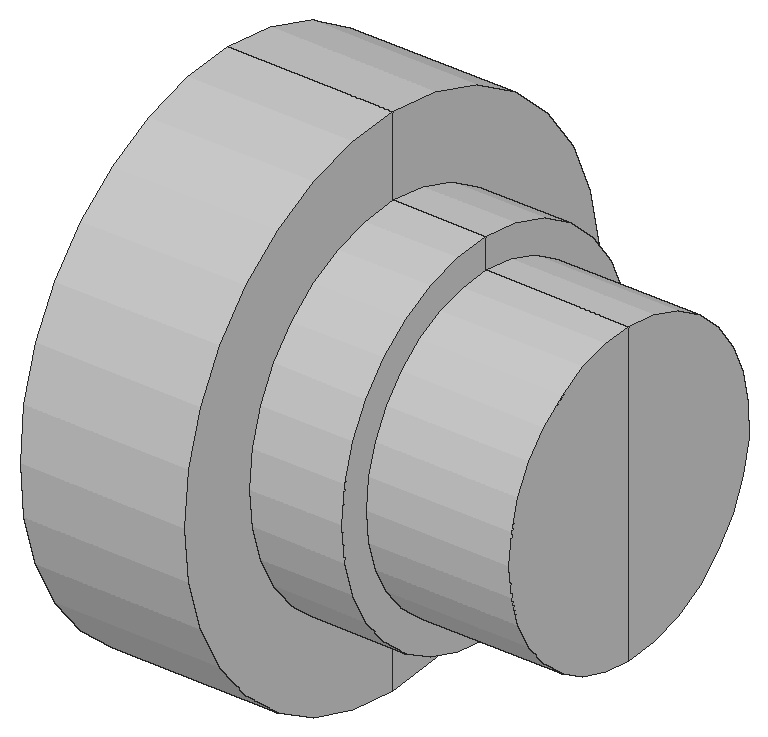
Revit family "6220_Eisenrohranschluß flachdichtend (4037,7762,7763,7760)", category Rohrformteile, Revit 2021
Family settings
  Bemaßung runder Anschluss = Durchmesser verwenden
  Teiletyp = Verbindung
  OmniClass-Nummer = 23.65.55.14
  OmniClass-Titel = Valves for Liquid Services
  Arbeitsebenenbasiert = Nein
  Immer vertikal = Ja
  Beim Laden mit Abzugskörper schneiden = Nein
  Gemeinsam genutzt = Nein
Parameters (values of type "G2 x R1 1/4")
  Vorgabe-Ansicht = 0 mm
  Verschraubung = "Messing CW614N, vernickelt"  # constant formula
  URL = "www.herz-armaturen.at"
  SCRNSEQ = "AWI;AWI_TYP=\"1001\";2"
  SCRNCODE = "07;01;02"  # constant formula
  S02 = 8 mm  # constant formula
  S01 [instance] = L03  # 15 mm
  Nennweite_AG [instance] = D03 * 2  # 40 mm
  Nennweite_IG [instance] = D01 * 2  # 50 mm
  Mutter = "Messing CW614N, vernickelt"  # constant formula
  Medium = "Heizungswasser nach ÖNORM H5195 oder VDI- Richtlinie 2035.\r\nDie Verwendung von Ethylen- oder Propyleneglykol in einem Mischungsverhältnis 25- 50% ist zulässig."
  Max. Betriebstemperatur = 110 °C  # constant formula
  Max. Betriebsdruck = 1000000.0 Pa  # constant formula
  L03 [instance] = if([5_8x3_8], 8.5 mm, if([1_2x3_8], 8.5 mm, if([3_4x1_2], 10 mm, if([1x3_4], 12 mm, if([3_2x5_4], 15 mm, if([2x5_4], 15 mm, if([9_4x3_2], 15 mm, if([11_4x2], 18 mm, 0 mm))))))))  # 15 mm
  L02 [instance] = if([5_8x3_8], 8.8 mm, if([1_2x3_8], 8.8 mm, if([3_4x1_2], 13.2 mm, if([1x3_4], 12.7 mm, if([3_2x5_4], 19.1 mm, if([2x5_4], 19.1 mm, if([9_4x3_2], 22 mm, if([11_4x2], 24 mm, 0 mm))))))))  # 19.1 mm
  L01 [instance] = if([5_8x3_8], 13 mm, if([1_2x3_8], 13.5 mm, if([3_4x1_2], 14 mm, if([1x3_4], 16.5 mm, if([3_2x5_4], 19 mm, if([2x5_4], 22 mm, if([9_4x3_2], 21 mm, if([11_4x2], 26 mm, 0 mm))))))))  # 22 mm
  L00 [instance] = if([5_8x3_8], 32 mm, if([1_2x3_8], 32.5 mm, if([3_4x1_2], 34.3 mm, if([1x3_4], 41.4 mm, if([3_2x5_4], 52 mm, if([2x5_4], 53.5 mm, if([9_4x3_2], 62 mm, if([11_4x2], 72 mm, 0 mm))))))))  # 53.5 mm
  Hersteller = "HERZ Armaturen Ges.m.b.H."  # constant formula
  Flachdichtung = "Klinger SIL- C4400"  # constant formula
  Bestellnummer = if([5_8x3_8], 1622000, if([1_2x3_8], 1622020, if([3_4x1_2], 1622021, if([1x3_4], 1622012, if([3_2x5_4], 1622064, if([2x5_4], 1622074, if([9_4x3_2], 1622075, if([11_4x2], 1622076, 0))))))))  # 1622074
  Ausführung = "Eisenrohranschluss flachdichtend, Mutter und Anschlussstück."
  9_4x3_2 = no
  3_2x5_4 = no
  2x5_4 = yes
  1x3_4 = no
  3_4x1_2 = no
  D03 [instance] = if([5_8x3_8], 5 mm, if([1_2x3_8], 5 mm, if([3_4x1_2], 7.5 mm, if([1x3_4], 10 mm, if([3_2x5_4], 16 mm, if([2x5_4], 20 mm, if([9_4x3_2], 20 mm, if([11_4x2], 25 mm, 0 mm))))))))  # 20 mm
  D02 [instance] = if([5_8x3_8], 8.5 mm, if([1_2x3_8], 8.2 mm, if([3_4x1_2], 10.7 mm, if([1x3_4], 13.4 mm, if([3_2x5_4], 21 mm, if([2x5_4], 24 mm, if([9_4x3_2], 23 mm, if([11_4x2], 29.3 mm, 0 mm))))))))  # 24 mm
  D01 [instance] = if([5_8x3_8], 7.5 mm, if([1_2x3_8], 7.5 mm, if([3_4x1_2], 10 mm, if([1x3_4], 12.5 mm, if([3_2x5_4], 20 mm, if([2x5_4], 25 mm, if([9_4x3_2], 25 mm, if([11_4x2], 32.5 mm, 0 mm))))))))  # 25 mm
  D00 [instance] = if([5_8x3_8], 15 mm, if([1_2x3_8], 14 mm, if([3_4x1_2], 16.5 mm, if([1x3_4], 19.5 mm, if([3_2x5_4], 29.3 mm, if([2x5_4], 34.6 mm, if([9_4x3_2], 37.3 mm, if([11_4x2], 50 mm, 0 mm))))))))  # 34.6 mm
  1_2x3_8 = no
  5_8x3_8 = no
  11_4x2 = no
Types (9, lengths in mm): name | S01 | Nennweite_AG | Nennweite_IG | L03 | L02 | L01 | L00 | Bestellnummer | 9_4x3_2 | 3_2x5_4 | 2x5_4 | 1x3_4 | 3_4x1_2 | D03 | D02 | D01 | D00 | 1_2x3_8 | 5_8x3_8 | 11_4x2
  (no name) | 15 | 40 | 50 | 15 | 19.1 | 22 | 53.5 | 1622074 | no | no | yes | no | no | 20 | 24 | 25 | 34.6 | no | no | no
  G5/8 x R3/8 | 8.5 | 10 | 15 | 8.5 | 8.8 | 13 | 32 | 1622000 | no | no | no | no | no | 5 | 8.5 | 7.5 | 15 | no | yes | no
  G1/2 x R3/8 | 8.5 | 10 | 15 | 8.5 | 8.8 | 13.5 | 32.5 | 1622020 | no | no | no | no | no | 5 | 8.2 | 7.5 | 14 | yes | no | no
  G3/4 x R1/2 | 10 | 15 | 20 | 10 | 13.2 | 14 | 34.3 | 1622021 | no | no | no | no | yes | 7.5 | 10.7 | 10 | 16.5 | no | no | no
  G1 x R3/4 | 12 | 20 | 25 | 12 | 12.7 | 16.5 | 41.4 | 1622012 | no | no | no | yes | no | 10 | 13.4 | 12.5 | 19.5 | no | no | no
  G1 1/2 x R1 1/4 | 15 | 32 | 40 | 15 | 19.1 | 19 | 52 | 1622064 | no | yes | no | no | no | 16 | 21 | 20 | 29.3 | no | no | no
  G2 x R1 1/4 | 15 | 40 | 50 | 15 | 19.1 | 22 | 53.5 | 1622074 | no | no | yes | no | no | 20 | 24 | 25 | 34.6 | no | no | no
  G2 1/4 x R1 1/2 | 15 | 40 | 50 | 15 | 22 | 21 | 62 | 1622075 | yes | no | no | no | no | 20 | 23 | 25 | 37.3 | no | no | no
  G2 3/4 x R2 | 18 | 50 | 65 | 18 | 24 | 26 | 72 | 1622076 | no | no | no | no | no | 25 | 29.3 | 32.5 | 50 | no | no | yes
Reference planes
  plane 1 "Mitte (Vorne/hinten)": y = 0
  plane 2: z = 0
  plane 3 "Mitte (Links/rechts)": x = 0
Forms (mm)
  Revolve 1, solid, material "Messing, vernickelt", detail levels fine
    sketch origin (0, 0, 0) x (1, 0, 0) y (0, 0, 1)
      loop
        line (0, 25) -> (15, 25) -> (15, 0) -> (53.5, 0) -> (53.5, 20) -> (34.4, 20) -> (34.4, 24) -> (22, 24) -> (22, 34.6) -> (0, 34.6) -> (0, 25)
      axis (0, 0) -> (53.5, 0)
    angle from 0 to 360
Lines and regions (mm)
  model lines, detail levels coarse+medium
    curve 1: line (0, 0, 0) -> (53.5, 0, 0)
    curve 2: line (15, 0, 34.6) -> (15, 0, -34.6)
    curve 3: line (15, 0, -34.6) -> (23, 0, -34.6)
    curve 4: line (23, 0, -34.6) -> (15, 0, 0)
    curve 5: line (15, 0, 34.6) -> (23, 0, 34.6)
    curve 6: line (23, 0, 34.6) -> (15, 0, 0)
    curve 7: line (15, 34.6, 0) -> (15, -34.6, 0)
    curve 8: line (15, -34.6, 0) -> (23, -34.6, 0)
    curve 9: line (23, -34.6, 0) -> (15, 0, 0)
    curve 10: line (15, 34.6, 0) -> (23, 34.6, 0)
    curve 11: line (23, 34.6, 0) -> (15, 0, 0)
Dimensions and locks
  "L01": Revolve 1 sketch curve to plane 3 "Mitte (Links/rechts)"
  "L00": Revolve 1 sketch curve to plane 3 "Mitte (Links/rechts)"
  "D00": Revolve 1 sketch curve to plane 2
  "L02": Revolve 1 sketch curve to Revolve 1 sketch curve
  "D01": Revolve 1 sketch curve to plane 2
  "D02": Revolve 1 sketch curve to plane 2
  "D03": Revolve 1 sketch curve to plane 2
  "L03": Revolve 1 sketch curve to plane 3 "Mitte (Links/rechts)"
  "L00": curve 1 to curve 1
  "S01": curve 2 to plane 3 "Mitte (Links/rechts)"
  "S02": curve 2 to curve 6
  "S02": curve 2 to curve 4
  "S01": curve 1 to curve 7
  "S02": curve 7 to curve 11
  "S02": curve 7 to curve 9
  "D00": curve 8 to plane 1 "Mitte (Vorne/hinten)" to curve 10
  "D00": curve 5 to plane 2 to curve 3
  aligned and locked: level to plane 2
Automatic sketch dimensions
  curve 1 to level = 0 mm
  curve 1 to plane 3 "Mitte (Links/rechts)" = 0 mm
  curve 4 to level = 0 mm
  curve 6 to curve 4 = 0 mm
  plane 1 "Mitte (Vorne/hinten)" to curve 9 = 0 mm
  plane 1 "Mitte (Vorne/hinten)" to curve 11 = 0 mm
  Revolve 1 sketch curve to level = 0 mm  (x2)
  Revolve 1 sketch curve to plane 3 "Mitte (Links/rechts)" = 0 mm
  Revolve 1 sketch curve to plane 3 "Mitte (Links/rechts)" = 1506.53 mm
  Revolve 1 sketch curve to Revolve 1 sketch curve = 1792.148 mm
Connectors
  piping at (15, 0, 0), diameter 50, driven by "Nennweite_IG"
    settings: on Revolve 1, index 1, connector inside diameter 609.6 mm, connector length 0 mm, flow factor 0, pipe flow 0.0 L/s, pressure drop 0.0 Pa, fitting loss kfactor 0, connector angle 0.00°, fixture units 0, engagement length 0 mm, angle of deflection 0.00°, flow configuration 0, flow direction 0, fitting loss method 0, system type 29, joint type 0, gender type 0, connector reference index -1, connector utility 0, adjustable connector no, is connector primary yes, connector description ""
  piping at (53.5, 0, 0), diameter 40, driven by "Nennweite_AG"
    settings: on Revolve 1, index 2, connector inside diameter 609.6 mm, connector length 0 mm, flow factor 0, pipe flow 0.0 L/s, pressure drop 0.0 Pa, fitting loss kfactor 0, connector angle 0.00°, fixture units 0, engagement length 0 mm, angle of deflection 0.00°, flow configuration 0, flow direction 0, fitting loss method 0, system type 29, joint type 0, gender type 0, connector reference index -1, connector utility 0, adjustable connector no, is connector primary no, connector description ""
